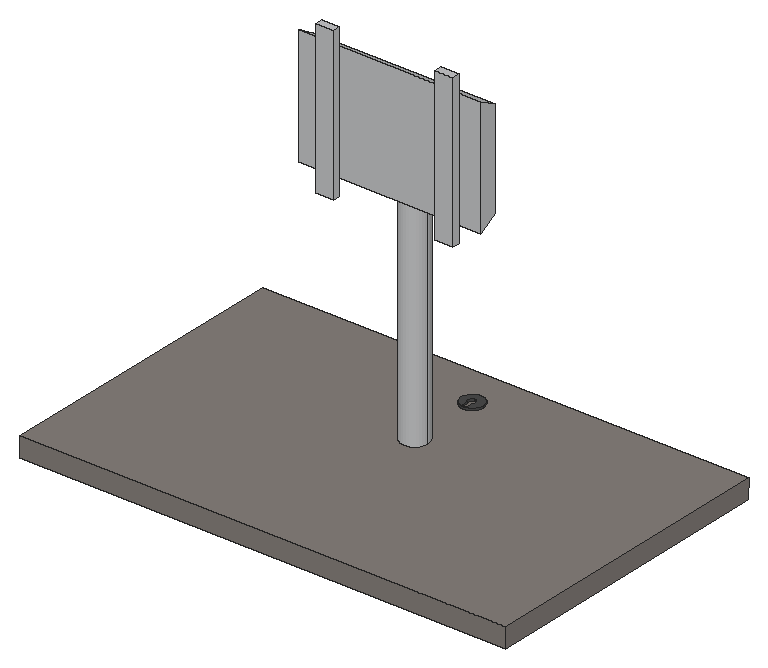
Revit family "Storage-Teknion-AFTT_A.V_Cart_Top-R2023", category Furniture, Revit 2023
Family settings
  OmniClass Number = 23.40.20.00
  OmniClass Title = General Furniture and Specialties
  Work Plane-Based = No
  Enable Cutting in Views = No
  Always vertical = Yes
  Cut with Voids When Loaded = No
  Render Appearance Source = Family Geometry
  Shared = Yes
  Room Calculation Point = No
Parameters (values of type "With Arm")
  Without Arm = no
  With Arm = not(Without Arm)  # yes
  Warranty = "http://www.teknion.com/ca/papers/legal-canada"
  Unit Weight URL = "http://www.teknion.com/ca/tools/assets#&asset=bee6a381-b954-425e-8283-5a2de3a804f2,f828d448-4b62-4231-9e5f-9a8991c0ed77"
  URL = "www.teknion.com"
  Top Finish [instance] = Veneer - Teknion - 5P - Flintwood - Poppy Seed
  To render please download texture images found here [instance] = "https://assets.teknion.com/web/5e81352c1dfdb467/revit-material-swatches/"
  Sustainability Data = "https://www.teknion.com/ca/tools/assets#&topic=216f99a5-57a0-44fc-b10a-9dee9b29ae4c&asset=444deb64-fe58-4b68-981e-f75e97781df7,b4ff2d81-9f2e-437d-9659-7cffb09c31cf"
  Series = "Tables & Collaborative Spaces"  # constant formula
  Product Page URL = "https://www.teknion.com/ca/products/product-details?productLineId=1a94336e-8e7a-673b-a6c8-ff00004460c4"
  Product Line = "Storage"  # constant formula
  Product Documentation Link = "https://www.teknion.com/pricing/tables/pdfs/AFTT_ppg.pdf"
  Part Number = "AFTT"  # constant formula
  Model = "AFTT132"
  Manufacturer Phone = "416-661-3370"  # constant formula
  Manufacturer Fax = "416.661.4586"  # constant formula
  Manufacturer Contact Information = "http://www.teknion.com/ca/contactus"
  Manufacturer Address = "1150 Flint Road, Toronto, ON. M3J 2J5. Canada"  # constant formula
  Manufacturer = "Teknion"  # constant formula
  How To Use Teknion Materials User Guide [instance] = "https://assets.teknion.com/m/205dd0a49fa58060/original/How-to-add-a-Material-Library-and-Texture-Images-to-your-Revit-project.pdf"
  For Additional Finishes please visit [instance] = "https://assets.teknion.com/m/44a8009b046e5d47/original/Teknion_Materials_Library.zip"
  Description = "A.V. Cart Top, With Arm, 32\" Width"
  Default Elevation = 0.000"
  Cut-Out - Top = if(With Arm, 3.500", 0.300")  # 3.500"
  Assembly Code = "E2020200"
  Arm Finish [instance] = Paint - Teknion - Mica - Platinum
Types (3): name | Without Arm | With Arm | Top Finish | Model | Description | Cut-Out - Top | Arm Finish
  (no name) | no | yes | Veneer - Teknion - 5P - Flintwood - Poppy Seed | "AFTT132" | "A.V. Cart Top, With Arm, 32\" Width" | 3.500" | Paint - Teknion - Mica - Platinum
  With Arm | no | yes | Veneer - Teknion - 5P - Flintwood - Poppy Seed | "AFTT132" | "A.V. Cart Top, With Arm, 32\" Width" | 3.500" | Paint - Teknion - Mica - Platinum
  Without Arm | yes | no | Foundation Laminate - Teknion - 3G - Atrium White | "AFTT232" | "A.V. Cart Top, Without Arm, 32\" Width" | 0.300" | Paint - Teknion - Foundation - Crisp Grey
Reference planes (in)
  plane 1 "Center Front/Back": y = -10
  plane 2: z = 0
  plane 3 "Center Left/Right": x = 16
  plane 4 "Left": x = 0
  plane 5 "Right": x = 32
  plane 6 "Back": y = 0
  plane 7 "Front": y = -20
  plane 8 "Top": z = 35
  plane 9: z = 36.29134
Forms (in)
  Sweep 1, solid, material "Veneer - Teknion - 5P - Flintwood - Poppy Seed" <- "Top Finish"
    path origin (0, -10, 0) x (1, 0, 0) y (0, 0, 1)
      loop
        line (16, 35) -> (16, 36.29134)
    profile origin (16, -10, 35.64567) x (-1, 0, 0) y (0, -1, 0)
      loop
        line (16, -10) -> (16, 10) -> (-16, 10) -> (-16, -10) -> (16, -10)
  Sweep 2, void
    path origin (0, -10, 0) x (1, 0, 0) y (0, 0, 1)
      loop
        line (16, 34) -> (16, 37.5)
    profile origin (16, -10, 35.75) x (-1, 0, 0) y (0, -1, 0)
      loop
        circle (0, -7.24409) r 0.7375
  Sweep 3, solid, material "Plastic - Teknion - E - Ebony", visible <- "With Arm"
    path origin (0, -10, 0) x (1, 0, 0) y (0, 0, 1)
      loop
        line (16, 36.39134) -> (16, 36.29134)
    profile origin (16, -10, 36.34134) x (0, -1, 0) y (1, 0, 0)
      loop
        circle (-7.24409, 0) r 0.7375
      loop
        line (-7.04316, -0.165) -> (-6.57669, -0.165)
        arc (-6.57669, -0.165) -> (-6.55659, 0) -> (-6.57669, 0.165) r 0.6875
        line (-6.57669, 0.165) -> (-7.04316, 0.165)
        arc (-7.04316, 0.165) -> (-7.33172, 0.24479) -> (-7.50409, 0) r 0.26
        arc (-7.50409, 0) -> (-7.33172, -0.24479) -> (-7.04316, -0.165) r 0.26
  Sweep 4, solid, material "Paint - Teknion - Mica - Platinum" <- "Arm Finish", visible <- "With Arm"
    path origin (0, -10, 0) x (1, 0, 0) y (0, 0, 1)
      loop
        line (16, 52.06973) -> (16, 36.29134)
    profile origin (16, -10, 44.18053) x (0, -1, 0) y (1, 0, 0)
      loop
        circle (-2.5, 0) r 0.875
  Sweep 5, solid, material "Paint - Teknion - Mica - Platinum" <- "Arm Finish", visible <- "With Arm"
    path origin (0, -10, 0) x (1, 0, 0) y (0, 0, 1)
      loop
        line (16, 57.25) -> (16, 52.06973)
    profile origin (16, -10, 54.65986) x (0, -1, 0) y (1, 0, 0)
      loop
        line (-1.625, -0.875) -> (-1.625, 0.875) -> (-2.5, 0.875)
        arc (-2.5, 0.875) -> (-3.375, 0) -> (-2.5, -0.875) r 0.875
        line (-2.5, -0.875) -> (-1.625, -0.875)
  SweptBlend 6, solid, material "Paint - Teknion - Mica - Platinum" <- "Arm Finish", visible <- "With Arm"
    path origin (0, 0, 0) x (1, 0, 0) y (0, 1, 0)
      loop
        line (16, -8.375) -> (16, -9.535)
    profile origin (16, -8.375, 0) x (1, 0, 0) y (0, 0, 1)
      loop
        line (-6, 58.53027) -> (-6, 52.06973) -> (6, 52.06973) -> (6, 58.53027) -> (-6, 58.53027)
    end profile origin (16, -9.535, 0) x (1, 0, 0) y (0, 0, 1)
      loop
        line (-6, 59.2) -> (-6, 51.4) -> (6, 51.4) -> (6, 59.2) -> (-6, 59.2)
  Sweep 7, solid, material "Paint - Teknion - Mica - Platinum" <- "Arm Finish", visible <- "With Arm"
    path origin (0, -10, 0) x (1, 0, 0) y (0, 0, 1)
      loop
        line (16, 60.3) -> (16, 50.3)
    profile origin (16, -10, 55.3) x (0, -1, 0) y (1, 0, 0)
      loop
        line (0.007, -4.525) -> (0.007, -3.345) -> (-0.465, -3.345) -> (-0.465, -4.525) -> (0.007, -4.525)
      loop
        line (0.007, 3.345) -> (0.007, 4.525) -> (-0.465, 4.525) -> (-0.465, 3.345) -> (0.007, 3.345)
Cuts and joins
  Sweep 2 cuts Sweep 1
  joined: Sweep 4, Sweep 5
Lines and regions (in)
  Masking region 1, visible <- "Without Arm"
    outline origin (0, 0, 0) x (1, 0, 0) y (0, 1, 0)
      loop
        line (0, 0) -> (0, -20) -> (32, -20) -> (32, 0) -> (0, 0)
  Masking region 2, visible <- "With Arm"
    outline origin (0, 0, 0) x (1, 0, 0) y (0, 1, 0)
      loop
        line (0, 0) -> (0, -20) -> (32, -20) -> (32, 0) -> (0, 0)
      loop
        line (15.835, -2.95684) -> (15.835, -3.42331)
        arc (15.835, -3.42331) -> (16, -3.44341) -> (16.165, -3.42331) r 0.6875
        line (16.165, -3.42331) -> (16.165, -2.95684)
        arc (16.165, -2.95684) -> (16.24479, -2.66828) -> (16, -2.49591) r 0.26
        arc (16, -2.49591) -> (15.75521, -2.66828) -> (15.835, -2.95684) r 0.26
  reference lines
    curve 1: line (0, 0, 0) -> (32, 0, 0)
    curve 2: line (32, 0, 0) -> (32, -20, 0)
    curve 3: line (0, -20, 0) -> (32, -20, 0)
    curve 4: line (0, 0, 0) -> (0, -20, 0)
  symbolic lines, visible <- "With Arm"
    curve 5: arc (16.7375, -2.75591, 0) -> (16, -2.01841, 0) -> (15.2625, -2.75591, 0) r 0.7375
    curve 6: arc (15.2625, -2.75591, 0) -> (16, -3.49341, 0) -> (16.7375, -2.75591, 0) r 0.7375
    curve 7: line (15.835, -2.95684, 0) -> (15.835, -3.47471, 0)
    curve 8: line (16.165, -2.95684, 0) -> (16.165, -3.47471, 0)
    curve 9: arc (16.875, -7.5, 0) -> (16, -6.625, 0) -> (15.125, -7.5, 0) r 0.875
    curve 10: line (16.875, -8.375, 0) -> (16.875, -7.5, 0)
    curve 11: line (15.125, -7.5, 0) -> (15.125, -8.375, 0)
    curve 12: line (22, -8.375, 0) -> (10, -8.375, 0)
    curve 13: line (22, -9.535, 0) -> (22, -8.375, 0)
    curve 14: line (10, -9.535, 0) -> (22, -9.535, 0)
    curve 15: line (10, -8.375, 0) -> (10, -9.535, 0)
    curve 16: line (11.475, -9.535, 0) -> (11.475, -10.007, 0)
    curve 17: line (12.655, -10.007, 0) -> (12.655, -9.535, 0)
    curve 18: line (11.475, -10.007, 0) -> (12.655, -10.007, 0)
    curve 19: line (19.345, -9.535, 0) -> (19.345, -10.007, 0)
    curve 20: line (20.525, -10.007, 0) -> (20.525, -9.535, 0)
    curve 21: line (19.345, -10.007, 0) -> (20.525, -10.007, 0)
  symbolic lines, style "FurnitureHiddenLines", visible <- "With Arm", detail levels medium+fine
    curve 22: arc (15.125, -7.5, 0) -> (16, -8.375, 0) -> (16.875, -7.5, 0) r 0.875
Dimensions and locks (in)
  plane 4 "Left" to plane 5 "Right" = 31.99999"
  locked: plane 6 "Back" to plane 7 "Front" at 20
  locked: plane 8 "Top" to level at 35
  equal spacing: plane 6 "Back", plane 1 "Center Front/Back", plane 7 "Front"
  equal spacing: plane 4 "Left", plane 3 "Center Left/Right", plane 5 "Right"
  locked: plane 9 to plane 8 "Top" at 1.29134
  locked: plane 8 "Top" to Sweep 2 sketch curve at 1
  "Cut-Out - Top": Sweep 2 sketch curve to Sweep 2 sketch curve
  locked: Sweep 3 sketch curve to plane 9 at 0.1
  aligned and locked: level to plane 2
  aligned and locked: curve 1 to plane 6 "Back"
  aligned and locked: curve 2 to plane 5 "Right"
  aligned and locked: plane 7 "Front" to curve 3
  aligned and locked: curve 4 to plane 4 "Left"
  aligned and locked: plane 3 "Center Left/Right" to Sweep 1 sketch curve
  aligned and locked: plane 9 to Sweep 1 sketch curve
  aligned and locked: plane 8 "Top" to Sweep 1 sketch curve
  aligned and locked: Sweep 1 sketch curve to plane 6 "Back"
  aligned and locked: Sweep 1 sketch curve to plane 5 "Right"
  aligned and locked: plane 7 "Front" to Sweep 1 sketch curve
  aligned and locked: Sweep 1 sketch curve to plane 4 "Left"
  aligned and locked: plane 3 "Center Left/Right" to Sweep 2 sketch curve
  aligned and locked: Sweep 3 sketch curve to plane 3 "Center Left/Right"
  aligned and locked: plane 9 to Sweep 3 sketch curve
  aligned and locked: plane 3 "Center Left/Right" to Sweep 4 sketch curve
  aligned and locked: plane 9 to Sweep 4 sketch curve
  aligned and locked: Sweep 5 sketch curve to plane 3 "Center Left/Right"
  aligned and locked: SweptBlend 6 sketch curve to plane 3 "Center Left/Right"
  aligned and locked: Sweep 7 sketch curve to plane 3 "Center Left/Right"
  aligned and locked: Masking region 1 sketch curve to plane 6 "Back"
  aligned and locked: Masking region 1 sketch curve to plane 5 "Right"
  aligned and locked: plane 7 "Front" to Masking region 1 sketch curve
  aligned and locked: Masking region 1 sketch curve to plane 4 "Left"
  aligned and locked: Masking region 2 sketch curve to plane 6 "Back"
  aligned and locked: Masking region 2 sketch curve to plane 5 "Right"
  aligned and locked: plane 7 "Front" to Masking region 2 sketch curve
  aligned and locked: Masking region 2 sketch curve to plane 4 "Left"
Automatic sketch dimensions
  Sweep 2 sketch curve to profile plane = 0.000"
  Sweep 2 sketch curve to Sweep 2 sketch curve = 0.000"
  Sweep 2 sketch curve to plane 1 "Center Front/Back" = 7.24409"
  profile plane to Sweep 2 sketch curve = 0.7375"
  Sweep 3 sketch curve to profile plane = 0.000"
  Sweep 3 sketch curve to plane 1 "Center Front/Back" = 7.24409"
  profile plane to Sweep 3 sketch curve = 0.7375"
  Sweep 3 sketch curve to Sweep 3 sketch curve = 0.20094"
  Sweep 3 sketch curve to profile plane = 0.165"
  Sweep 3 sketch curve to Sweep 3 sketch curve = 0.000"  (x6)
  Sweep 3 sketch curve to Sweep 3 sketch curve = 0.46647"
  plane 9 to Sweep 4 sketch curve = 15.77839"
  Sweep 4 sketch curve to profile plane = 0.000"
  Sweep 4 sketch curve to plane 1 "Center Front/Back" = 2.500"
  profile plane to Sweep 4 sketch curve = 0.875"
  plane 9 to Sweep 5 sketch curve = 15.77839"
  Sweep 5 sketch curve to Sweep 5 sketch curve = 5.18027"
  Sweep 5 sketch curve to profile plane = 0.000"
  Sweep 5 sketch curve to plane 1 "Center Front/Back" = 2.500"
  Sweep 5 sketch curve to Sweep 5 sketch curve = 0.875"
  profile plane to Sweep 5 sketch curve = 0.875"
  SweptBlend 6 sketch curve to plane 1 "Center Front/Back" = 0.465"
  SweptBlend 6 sketch curve to SweptBlend 6 sketch curve = 1.160"
  profile plane to SweptBlend 6 sketch curve = 6.000"  (x2)
  SweptBlend 6 sketch curve to profile plane = 6.000"  (x2)
  level to SweptBlend 6 sketch curve = 51.400"
  SweptBlend 6 sketch curve to SweptBlend 6 sketch curve = 7.800"
  level to SweptBlend 6 sketch curve = 52.06973"
  SweptBlend 6 sketch curve to SweptBlend 6 sketch curve = 6.46055"
  plane 9 to Sweep 7 sketch curve = 14.00866"
  Sweep 7 sketch curve to Sweep 7 sketch curve = 10.000"
  plane 1 "Center Front/Back" to Sweep 7 sketch curve = 0.007"  (x2)
  Sweep 7 sketch curve to plane 1 "Center Front/Back" = 0.465"  (x2)
  profile plane to Sweep 7 sketch curve = 4.525"
  Sweep 7 sketch curve to Sweep 7 sketch curve = 1.180"  (x2)
  Sweep 7 sketch curve to profile plane = 3.345"
  Masking region 2 sketch curve to Masking region 2 sketch curve = 0.000"  (x3)
  Masking region 2 sketch curve to plane 3 "Center Left/Right" = 0.000"
  Masking region 2 sketch curve to plane 6 "Back" = 2.75591"
  Masking region 2 sketch curve to plane 3 "Center Left/Right" = 0.165"
  plane 3 "Center Left/Right" to Masking region 2 sketch curve = 0.165"
  Masking region 2 sketch curve to Masking region 2 sketch curve = 0.20094"
  Masking region 2 sketch curve to Masking region 2 sketch curve = 0.46647"
  curve 6 to plane 3 "Center Left/Right" = 0.000"
  curve 6 to plane 6 "Back" = 2.75591"
  curve 5 to curve 5 = 0.7375"
  curve 7 to plane 3 "Center Left/Right" = 0.165"
  curve 7 to curve 6 = 0.20094"
  plane 3 "Center Left/Right" to curve 8 = 0.165"
  curve 8 to curve 6 = 0.20094"
  curve 9 to plane 3 "Center Left/Right" = 0.000"
  plane 3 "Center Left/Right" to curve 10 = 0.875"
  curve 10 to plane 1 "Center Front/Back" = 2.500"
  curve 10 to curve 10 = 0.875"
  curve 12 to curve 11 = 5.125"
  curve 10 to curve 12 = 5.125"
  curve 13 to plane 1 "Center Front/Back" = 0.465"
  curve 14 to curve 16 = 1.475"
  plane 1 "Center Front/Back" to curve 17 = 0.007"
  curve 16 to curve 17 = 1.180"
  curve 19 to curve 13 = 2.655"
  plane 1 "Center Front/Back" to curve 20 = 0.007"
  curve 19 to curve 20 = 1.180"
Nested families (in)
  nested 1: "Teknion_2D_Node_Family-R2016" at (0, 0, 0), type "Teknion_2D_Node_Family-R2016"
Definition of nested family "Teknion_2D_Node_Family-R2016"
  Reference planes (in)
    plane 1 "Center (Front/Back)": y = 0
    plane 2: z = 0
    plane 3 "Center (Left/Right)": x = 0
  Lines and regions (in)
    detail lines, in view "Ref. Level"
      curve 1: circle (0, 0, 0) r 1.25 normal (0, 0, 1)
      curve 2: line (1.91508, -1.91508, 0) -> (-1.91508, 1.91508, 0)
      curve 3: line (-1.91508, -1.91508, 0) -> (1.91508, 1.91508, 0)
